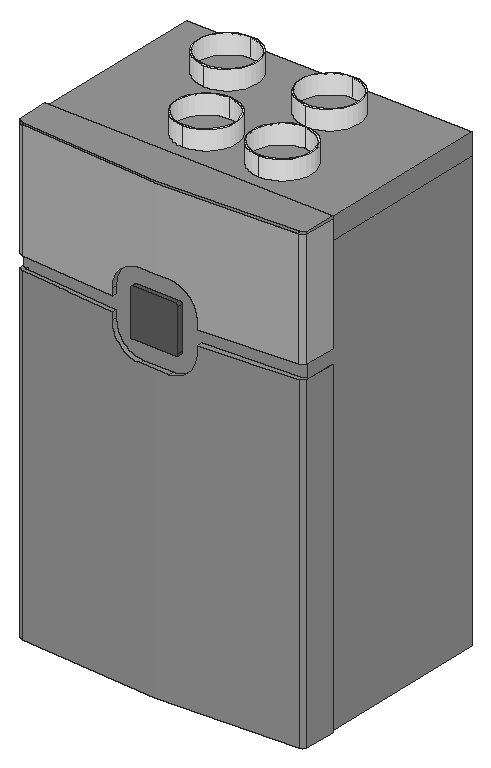
Revit family "result", category Mechanical Equipment, Revit 2022
Family settings
  Round Connector Dimension = Use Radius
  Part Type = Normal
  OmniClass Number = 23.75.10.00
  OmniClass Title = Transformation and Conversion of Energy
  Work Plane-Based = No
  Always vertical = No
  Cut with Voids When Loaded = No
  Maintain Annotation Orientation = No
  Shared = No
  Room Calculation Point = No
Parameters (values of type "2760-SABIK-210")
  spTamañoVentilador = 0 mm
  spRevision = ""
  spReferencia = ""
  spPresionSonoraRadiado = ""
  spPresionSonoraDescarga = ""
  spPresionSonoraAspiracion = ""
  spPotenciaUtil_Solucion = 0 W
  spPotenciaSonoraRadiado = ""
  spPotenciaSonoraDescarga = ""
  spPotenciaSonoraAspiracion = ""
  spPotenciaEspecifico_Solucion = ""
  spPotenciaElectrica_Solucion = 0 W
  spPosicion = ""
  spNombreProyecto = ""
  spLineaProyectoURL = ""
  spIntensidadMaximaAbsorbida = 0 A
  spIdProyecto = ""
  spDistanciaSonora = ""
  spDescripcionProductoEasyvent = ""
  spDescripcionComercialProducto = ""
  spConfiguracionProductoGenerico = ""
  spCodigoProductoEasyvent = ""
  spCodigoComercialProducto = ""
  spClaseMotor = ""
  spCantidadTotalProducto = ""
  spCantidadProducto = ""
  Total Flow [instance] = Flow 1 + Flow 2 + Flow 3 + Flow 4  # 0.0 L/s
  Radius Connector Drain = 10 mm  # constant formula
  Radius Connector 3 = (PD3) / 2  # 62.5 mm
  Radius Connector 1 = (PD1) / 2  # 62.5 mm
  Radius Connector  4 = (PD4) / 2  # 62.5 mm
  Radius Connector  2 = (PD2) / 2  # 62.5 mm
  PowerFactor = 0.00%
  VelocidadRotacionNominal = ""
  Uniclass2.0Titulo = "Heat recovery distribution equipment"  # constant formula
  Uniclass2.0Codigo = "Pr_60_60_36"  # constant formula
  URLProducto = "https://www.solerpalau.com/"
  UNSPSCTitulo = "HVAC ventilation and duct work construction service"  # constant formula
  UNSPSCCodigo = "72151204"  # constant formula
  TensionNominal = 0 V
  PresionTotalNominal = 0.0 Pa
  PresionEstaticaNominal = 0.0 Pa
  Flow 4 [instance] = 0.0 L/s
  Flow 3 [instance] = 0.0 L/s
  Flow 2 [instance] = 0.0 L/s
  Flow 1 [instance] = 0.0 L/s
  Default Elevation = 0 mm
  PresionDinamica = 0.0 Pa
  PesoBruto = 0.00 kg
  URL = "https://www.solerpalau.com/"
  PO = 19 mm
  PN = 21 mm
  PM = 267 mm
  PL = 392 mm
  PK = 313 mm
  PD4 = 125 mm
  PD3 = 125 mm
  PD2 = 125 mm
  PD1 = 125 mm
  PJ = 215 mm
  PII = 161 mm
  PH = 94 mm
  PG = 180 mm
  PF = 125 mm
  PE = 215 mm
  PC = 460 mm
  PB = 995 mm
  PA = 600 mm
  OmniclassTitulo = "Transformation and Conversion of Energy"  # constant formula
  OmniclassCodigo = "23.75.10.00"  # constant formula
  NumeroPolos = 1
  NumeroArticuloGlobalComercial = ""
  Model = ""
  Type Image = <None>
  Material Conector Bornes = SP_Plastic_Beige
  Material Carcasa = SP_Plastic_Beige
  MasterformatTitulo = "Air-to-Air Energy Recovery Equipment"  # constant formula
  MasterformatCodigo = "23 72 00"  # constant formula
  IndicePotenciaNominal = 0 W
  IndiceFlujoNominal = 0.0 L/s
  IfcExportType = "FIXEDPLATECROSSFLOWEXCHANGER"  # constant formula
  IfcExportAs = "IfcAirToAirHeatRecoveryType"  # constant formula
  Manufacturer = "S&P Sistemas de Ventilación S.L.U."  # constant formula
  DiametroImpulsor = 0 mm
  Description = ""
  Type Comments = ""
  CorrienteNominal = 0 A
  Codigo_IP = ""
  Autor = "BIM6D"  # constant formula
  AplicacionDeVentilador = ""
  AUX.A = PA / 2  # 300 mm
  AUX.4.1 = PD4 - 1 mm  # 124 mm
  AUX.4 = PD4 - 5 mm  # 120 mm
  AUX.3.1 = PD3 - 1 mm  # 124 mm
  AUX.3 = PD3 - 5 mm  # 120 mm
  AUX.2.1 = PD2 - 1 mm  # 124 mm
  AUX.2 = PD2 - 5 mm  # 120 mm
  AUX.1.1 = PD1 - 1 mm  # 124 mm
  AUX.1 = PD1 - 5 mm  # 120 mm
Reference planes
  plane 1 "Centro (Frontal/Posterior)": y = 0
  plane 2: z = 0
  plane 3 "Centro (Izquierda/Derecha)": x = 0
  plane 4: z = 995
  plane 5: x = -300
  plane 6: x = 300
  plane 7: y = 230
  plane 8: y = -230
  plane 9: y = 249
  plane 10: y = -160
  plane 11: z = 945
  plane 12: z = 20
  plane 13: y = -200
  plane 14: x = -200
  plane 15: x = 200
  plane 16: z = 745
  plane 17: z = 715
  plane 18: x = -90
  plane 19: x = 90
  plane 20: z = 820
  plane 21: z = 730
  plane 22: z = 640
  plane 23: z = 990.508
  plane 24: y = 136
  plane 25: y = -44
  plane 26: x = -139
  plane 27: x = 76
  plane 28: x = 175
  plane 29: x = -40
  plane 30: x = 76
  plane 31: x = 120
  plane 32: z = 1030.508
  plane 33: x = -133.5
  plane 34: x = 133.5
  plane 35: y = -70
  plane 36: z = 730
Forms (mm)
  Extrusion 1, solid, material "SP_Plastic_Beige" <- "Material Carcasa"
    sketch origin (0, 603.498, 20) x (0, 1, 0) y (-1, 0, 0)
      loop
        line (-373.498, 300) -> (-803.498, 300) -> (-803.498, -300) -> (-373.498, -300) -> (-373.498, 300)
    from 0 to 925
  Extrusion 2, solid, material "SP_Steel galvanized"
    sketch origin (-1134.713, -325, 1200) x (-1, 0, 0) y (0, 0, -1)
      loop
        line (-897.213, 1180) -> (-908.76, 1200) -> (-960.731, 1200) -> (-972.278, 1180) -> (-897.213, 1180)
      loop
        line (-1372.213, 1180) -> (-1297.148, 1180) -> (-1308.695, 1200) -> (-1360.666, 1200) -> (-1372.213, 1180)
    from -165 to -425
  Extrusion 3, solid, material "SP_Steel galvanized"
    sketch origin (-1134.713, -327.971, 1200) x (-1, 0, 0) y (0, 0, -1)
      loop
        line (-1097.181, 1180) -> (-1108.728, 1200) -> (-1160.699, 1200) -> (-1172.246, 1180) -> (-1097.181, 1180)
    from -167.971 to -542.971
  Extrusion 4, solid, material "SP_Plastic_Beige" <- "Material Carcasa"
    sketch origin (0, 603.498, 945) x (0, 1, 0) y (-1, 0, 0)
      loop
        line (-373.498, 300) -> (-763.498, 300) -> (-763.498, -300) -> (-373.498, -300) -> (-373.498, 300)
    from 0 to 45.508
  Extrusion 5, solid, material "SP_Plastic_Beige" <- "Material Carcasa"
    sketch origin (0, 603.498, 945) x (0, 1, 0) y (-1, 0, 0)
      loop
        line (-743.077, 303.834) -> (-810.364, 301.484)
        arc (-810.364, 301.484) -> (-815.137, 296.852) -> (-817.045, 290.481) r 13.199
        arc (-817.045, 290.481) -> (-833.498, 0) -> (-817.045, -290.481) r 2572.461
        arc (-817.045, -290.481) -> (-815.137, -296.852) -> (-810.364, -301.484) r 13.199
        line (-810.364, -301.484) -> (-743.077, -303.834) -> (-743.077, -291.696) -> (-808.077, -291.696)
        arc (-808.077, -291.696) -> (-824.035, 0) -> (-808.077, 291.696) r 2673.974
        line (-808.077, 291.696) -> (-743.077, 291.696) -> (-743.077, 303.834)
    from -200 to 45.508
  Extrusion 6, void
    sketch origin (-1134.713, -326.5, 1200) x (-1, 0, 0) y (0, 0, -1)
      loop
        line (-789.713, 455) -> (-789.713, 485) -> (-1044.713, 485) -> (-1044.713, 500)
        arc (-1044.713, 500) -> (-1062.287, 542.426) -> (-1104.713, 560) r 60
        line (-1104.713, 560) -> (-1164.713, 560)
        arc (-1164.713, 560) -> (-1207.139, 542.426) -> (-1224.713, 500) r 60
        line (-1224.713, 500) -> (-1224.713, 485) -> (-1479.713, 485) -> (-1479.713, 455) -> (-1224.713, 455) -> (-1224.713, 440)
        arc (-1224.713, 440) -> (-1207.139, 397.574) -> (-1164.713, 380) r 60
        line (-1164.713, 380) -> (-1104.713, 380)
        arc (-1104.713, 380) -> (-1062.287, 397.574) -> (-1044.713, 440) r 60
        line (-1044.713, 440) -> (-1044.713, 455) -> (-789.713, 455)
    from -76.5 to -326.5
  Extrusion 7, solid, material "SP_Plastic_Beige" <- "Material Carcasa"
    sketch origin (0, 603.498, 945) x (0, 1, 0) y (-1, 0, 0)
      loop
        line (-743.077, 303.834) -> (-810.364, 301.484)
        arc (-810.364, 301.484) -> (-815.137, 296.852) -> (-817.045, 290.481) r 13.199
        arc (-817.045, 290.481) -> (-833.498, 0) -> (-817.045, -290.481) r 2572.461
        arc (-817.045, -290.481) -> (-815.137, -296.852) -> (-810.364, -301.484) r 13.199
        line (-810.364, -301.484) -> (-743.077, -303.834) -> (-743.077, 303.834)
    from 50 to 45.508
  Extrusion 8, solid, material "SP_PVC_THERMOPLASTIC"
    sketch origin (0, 603.498, 945) x (0, 1, 0) y (-1, 0, 0)
      loop
        circle (-467.498, 139) r 60
      loop
        circle (-467.498, 139) r 62
      loop
        circle (-467.498, -76) r 60
      loop
        circle (-467.498, -76) r 62
      loop
        circle (-647.498, 40) r 60
      loop
        circle (-647.498, 40) r 62
      loop
        circle (-647.498, -120) r 60
      loop
        circle (-647.498, -120) r 62
    from 45.508 to 85.508
  Extrusion 9, solid
    sketch origin (0, 603.498, 945) x (0, 1, 0) y (-1, 0, 0)
      loop
        circle (-673.498, 133.5) r 10.5
      loop
        circle (-673.498, -133.5) r 10.5
    from -925 to -935
  Extrusion 10, solid, material "SP_Plastic_Black"
    sketch origin (-1134.713, -325, 1200) x (-1, 0, 0) y (0, 0, -1)
      loop
        arc (-1089.713, 420) -> (-1086.178, 421.464) -> (-1084.713, 425) r 5
        line (-1084.713, 425) -> (-1084.713, 515)
        arc (-1084.713, 515) -> (-1086.178, 518.536) -> (-1089.713, 520) r 5
        line (-1089.713, 520) -> (-1179.713, 520)
        arc (-1179.713, 520) -> (-1183.249, 518.536) -> (-1184.713, 515) r 5
        line (-1184.713, 515) -> (-1184.713, 425)
        arc (-1184.713, 425) -> (-1183.249, 421.464) -> (-1179.713, 420) r 5
        line (-1179.713, 420) -> (-1089.713, 420)
    from -104.472 to -95
  Extrusion 11, solid, material "SP_Plastic_Beige"
    sketch origin (0, 603.498, 945) x (0, 1, 0) y (-1, 0, 0)
      loop
        line (-743.077, 303.834) -> (-810.364, 301.484)
        arc (-810.364, 301.484) -> (-815.137, 296.852) -> (-817.045, 290.481) r 13.199
        arc (-817.045, 290.481) -> (-833.498, 0) -> (-817.045, -290.481) r 2572.461
        arc (-817.045, -290.481) -> (-815.137, -296.852) -> (-810.364, -301.484) r 13.199
        line (-810.364, -301.484) -> (-743.077, -303.834) -> (-743.077, -291.696) -> (-808.077, -291.696)
        arc (-808.077, -291.696) -> (-824.035, 0) -> (-808.077, 291.696) r 2673.974
        line (-808.077, 291.696) -> (-743.077, 291.696) -> (-743.077, 303.834)
    from -925 to -230
  Extrusion 12, solid, material "SP_Steel galvanized"
    sketch origin (-310, -1524, 48.098) x (0, 0, 1) y (0, -1, 0)
      loop
        line (886.902, -1754) -> (855.661, -1754) -> (838.782, -1770.879) -> (840.903, -1773) -> (856.902, -1757.001) -> (886.902, -1757.001) -> (886.902, -1754)
    from 110 to 510
Cuts and joins
  Extrusion 6 cuts Extrusion 5
  joined: Extrusion 4, Extrusion 5
  Extrusion 6 cuts Extrusion 11
Dimensions and locks
  "PB": plane 4 to level
  equal spacing: plane 5, plane 3 "Centro (Izquierda/Derecha)", plane 6
  "PA": plane 5 to plane 6
  equal spacing: plane 8, plane 1 "Centro (Frontal/Posterior)", plane 7
  "PC": plane 8 to plane 7
  "PO": plane 9 to plane 7
  locked: plane 10 to plane 8 at 70
  locked: plane 4 to plane 11 at 50
  locked: plane 12 to level at 20
  locked: plane 10 to plane 13 at 40
  Extrusion 2 sketch curve to plane 14 to Extrusion 2 sketch curve = 37.565 mm locked, 37.5 mm locked
  Extrusion 2 sketch curve to plane 15 to Extrusion 2 sketch curve = 37.565 mm locked, 37.5 mm locked
  locked: plane 1 "Centro (Frontal/Posterior)" to Extrusion 2 at 100
  Extrusion 3 sketch curve to plane 3 "Centro (Izquierda/Derecha)" to Extrusion 3 sketch curve = 37.532 mm locked, 37.532 mm locked
  locked: plane 7 to Extrusion 3 at 15
  locked: plane 4 to plane 16 at 250
  Extrusion 5 sketch curve to plane 5 to Extrusion 5 sketch curve = 3.834 mm locked, 8.304 mm locked
  Extrusion 5 sketch curve to plane 6 to Extrusion 5 sketch curve = 8.304 mm locked, 3.834 mm locked
  locked: plane 16 to plane 17 at 30
  equal spacing: plane 16, plane 21, plane 17
  locked: plane 20 to plane 21 at 90
  plane 19 to plane 3 "Centro (Izquierda/Derecha)" to plane 18 = 90 mm locked, 90 mm locked
  locked: plane 22 to plane 21 at 90
  locked: Extrusion 6 sketch curve to plane 5 at 45
  locked: plane 6 to Extrusion 6 sketch curve at 45
  Extrusion 5 sketch curve to plane 10 to Extrusion 5 sketch curve = 70 mm locked, 20.421 mm locked
  locked: Extrusion 6 to plane 8 at 20
  locked: plane 4 to cut or joined group of Extrusion 4, Extrusion 5, Extrusion 6 at 4.492
  locked: plane 23 to plane 4 at 4.492
  "PH": plane 7 to plane 24
  "PG": plane 24 to plane 25
  "PF": plane 28 to plane 6
  "PE": plane 29 to plane 28
  "PII": plane 5 to plane 26
  "PJ": plane 26 to plane 27
  locked: plane 32 to plane 23 at 40
  equal spacing: plane 34, plane 3 "Centro (Izquierda/Derecha)", plane 33
  "PM": plane 34 to plane 33
  equal spacing: plane 15, plane 3 "Centro (Izquierda/Derecha)", plane 14
  locked: plane 14 to plane 5 at 100
  locked: plane 35 to plane 10 at 90
  locked: plane 12 to Extrusion 9 at 10
  Extrusion 10 sketch curve to plane 3 "Centro (Izquierda/Derecha)" to Extrusion 10 sketch curve = 50 mm locked, 50 mm locked
  equal spacing: plane 16, plane 36, plane 17, locked at 15 each
  Extrusion 10 sketch curve to plane 36 to Extrusion 10 sketch curve = 50 mm locked, 50 mm locked
  locked: plane 8 to Extrusion 10 at 9.472
  Extrusion 11 sketch curve to plane 5 to Extrusion 11 sketch curve = 3.834 mm locked, 8.304 mm locked
  Extrusion 11 sketch curve to plane 6 to Extrusion 11 sketch curve = 8.304 mm locked, 3.834 mm locked
  Extrusion 11 sketch curve to plane 10 to Extrusion 11 sketch curve = 70 mm locked, 20.421 mm locked
  locked: Extrusion 12 sketch curve to plane 7 at 3.001
  plane 11 to Extrusion 12 sketch curve to Extrusion 12 sketch curve to Extrusion 12 sketch curve = 10 mm locked, 30 mm locked, 15.999 mm locked
  "AUX.1": diameter of Extrusion 8 sketch curve
  "AUX.1.1": diameter of Extrusion 8 sketch curve
  "AUX.2": diameter of Extrusion 8 sketch curve
  "AUX.2.1": diameter of Extrusion 8 sketch curve
  "AUX.3": diameter of Extrusion 8 sketch curve
  "AUX.3.1": diameter of Extrusion 8 sketch curve
  "AUX.4": diameter of Extrusion 8 sketch curve
  "AUX.4.1": diameter of Extrusion 8 sketch curve
  "PN": diameter of Extrusion 9 sketch curve  (x2)
  aligned and locked: level to plane 2
  aligned and locked: Extrusion 1 sketch curve to plane 7
  aligned and locked: plane 5 to Extrusion 1 sketch curve
  aligned and locked: Extrusion 1 sketch curve to plane 13
  aligned and locked: plane 6 to Extrusion 1 sketch curve
  aligned and locked: plane 11 to Extrusion 1
  aligned and locked: Extrusion 1 to plane 12
  aligned and locked: Extrusion 2 sketch curve to plane 12
  aligned and locked: level to Extrusion 2 sketch curve
  aligned and locked: plane 12 to Extrusion 2 sketch curve
  aligned and locked: Extrusion 2 sketch curve to level
  aligned and locked: plane 10 to Extrusion 2
  aligned and locked: Extrusion 3 to plane 10
  aligned and locked: plane 5 to Extrusion 4 sketch curve
  aligned and locked: plane 6 to Extrusion 4 sketch curve
  aligned and locked: Extrusion 4 sketch curve to plane 7
  aligned and locked: Extrusion 6 sketch curve to plane 20
  aligned and locked: plane 18 to Extrusion 6 sketch curve
  aligned and locked: plane 16 to Extrusion 6 sketch curve
  aligned and locked: Extrusion 6 sketch curve to plane 17
  aligned and locked: Extrusion 6 sketch curve to plane 16
  aligned and locked: plane 17 to Extrusion 6 sketch curve
  aligned and locked: Extrusion 6 to plane 1 "Centro (Frontal/Posterior)"
  aligned and locked: Extrusion 7 to cut or joined group of Extrusion 4, Extrusion 5, Extrusion 6
  aligned and locked: plane 10 to Extrusion 4
  aligned and locked: cut or joined group of Extrusion 4, Extrusion 5, Extrusion 6 to plane 23
  aligned and locked: plane 30 to Extrusion 8 sketch curve  (x2)
  aligned and locked: plane 29 to Extrusion 8 sketch curve  (x2)
  aligned and locked: plane 31 to Extrusion 8 sketch curve  (x2)
  aligned and locked: plane 25 to Extrusion 8 sketch curve  (x4)
  aligned and locked: Extrusion 9 to plane 12
  aligned and locked: plane 8 to Extrusion 10
  aligned and locked: plane 16 to Extrusion 5
  aligned and locked: Extrusion 11 to plane 12
  aligned and locked: plane 17 to Extrusion 11
  aligned and locked: plane 9 to Extrusion 12 sketch curve
  aligned and locked: plane 7 to Extrusion 12 sketch curve
  aligned and locked: Extrusion 12 to plane 15
  aligned and locked: Extrusion 12 to plane 14
Automatic sketch dimensions
  Extrusion 2 sketch curve to Extrusion 2 sketch curve = 11.547 mm  (x4)
  Extrusion 3 sketch curve to level = 0 mm
  Extrusion 3 sketch curve to plane 12 = 0 mm
  Extrusion 3 sketch curve to Extrusion 3 sketch curve = 11.547 mm  (x2)
  Extrusion 5 sketch curve to plane 3 "Centro (Izquierda/Derecha)" = 0 mm  (x2)
  Extrusion 5 sketch curve to plane 6 = 1.484 mm
  Extrusion 5 sketch curve to plane 8 = 23.133 mm
  Extrusion 5 sketch curve to plane 5 = 1.484 mm
  Extrusion 5 sketch curve to Extrusion 5 sketch curve = 6.51 mm  (x2)
  Extrusion 5 sketch curve to Extrusion 5 sketch curve = 110.975 mm
  Extrusion 5 sketch curve to Extrusion 5 sketch curve = 1.693 mm  (x2)
  plane 5 to Extrusion 5 sketch curve = 9.519 mm
  Extrusion 5 sketch curve to Extrusion 5 sketch curve = 4.222 mm  (x2)
  Extrusion 5 sketch curve to plane 10 = 20.421 mm
  plane 19 to Extrusion 6 sketch curve = 0 mm  (x2)
  Extrusion 6 sketch curve to plane 22 = 0 mm
  Extrusion 6 sketch curve to plane 18 = 0 mm
  plane 17 to Extrusion 6 sketch curve = 15 mm
  Extrusion 6 sketch curve to plane 3 "Centro (Izquierda/Derecha)" = 30 mm
  plane 3 "Centro (Izquierda/Derecha)" to Extrusion 6 sketch curve = 30 mm  (x2)
  Extrusion 7 sketch curve to plane 3 "Centro (Izquierda/Derecha)" = 0 mm
  Extrusion 7 sketch curve to plane 6 = 1.484 mm
  plane 13 to Extrusion 7 sketch curve = 6.867 mm  (x2)
  Extrusion 7 sketch curve to plane 5 = 1.484 mm
  plane 13 to Extrusion 7 sketch curve = 0.357 mm  (x2)
  Extrusion 7 sketch curve to plane 6 = 3.834 mm
  Extrusion 7 sketch curve to plane 10 = 20.421 mm
  plane 9 to Extrusion 7 sketch curve = 2093.461 mm
  plane 6 to Extrusion 7 sketch curve = 9.998 mm
  Extrusion 7 sketch curve to Extrusion 7 sketch curve = 11.482 mm
  plane 6 to Extrusion 7 sketch curve = 9.519 mm
  Extrusion 7 sketch curve to plane 5 = 3.834 mm
  Extrusion 4 sketch curve to plane 13 = 40 mm
  Extrusion 10 sketch curve to Extrusion 10 sketch curve = 5 mm  (x4)
  Extrusion 11 sketch curve to plane 3 "Centro (Izquierda/Derecha)" = 0 mm  (x2)
  Extrusion 11 sketch curve to plane 6 = 1.484 mm
  plane 13 to Extrusion 11 sketch curve = 6.867 mm  (x2)
  Extrusion 11 sketch curve to plane 5 = 1.484 mm
  plane 13 to Extrusion 11 sketch curve = 4.579 mm
  plane 13 to Extrusion 11 sketch curve = 0.357 mm  (x2)
  Extrusion 11 sketch curve to plane 10 = 20.421 mm
  Extrusion 11 sketch curve to Extrusion 11 sketch curve = 110.975 mm
  Extrusion 11 sketch curve to Extrusion 11 sketch curve = 1.693 mm  (x2)
  Extrusion 11 sketch curve to Extrusion 11 sketch curve = 8.968 mm
  Extrusion 12 sketch curve to Extrusion 12 sketch curve = 1.241 mm
  Extrusion 8 sketch curve to Extrusion 8 sketch curve = 0 mm  (x3)
  Extrusion 8 sketch curve to plane 24 = 0 mm  (x2)
  Extrusion 8 sketch curve to plane 26 = 0 mm
  Extrusion 9 sketch curve to plane 34 = 0 mm
  Extrusion 9 sketch curve to plane 35 = 0 mm  (x2)
  Extrusion 9 sketch curve to plane 33 = 0 mm
Connectors
  piping at (-133.5, -70, 20), diameter 20, driven by "Radius Connector Drain"
    settings: on Extrusion 9, index 1, connector inside diameter 609.6 mm, connector length 0 mm, flow factor 0, pipe flow 0.0 L/s, pressure drop 0.0 Pa, fitting loss kfactor 0, connector angle 0.00°, fixture units 0, engagement length 0 mm, angle of deflection 0.00°, flow configuration 1, flow direction 2, fitting loss method 0, system type 16, joint type 0, gender type 0, connector reference index -1, connector utility 0, adjustable connector no, is connector primary yes, connector description "Desagüe"
  piping at (133.5, -70, 20), diameter 20, driven by "Radius Connector Drain"
    settings: on Extrusion 9, index 2, connector inside diameter 609.6 mm, connector length 0 mm, flow factor 0, pipe flow 0.0 L/s, pressure drop 0.0 Pa, fitting loss kfactor 0, connector angle 0.00°, fixture units 0, engagement length 0 mm, angle of deflection 0.00°, flow configuration 1, flow direction 2, fitting loss method 0, system type 16, joint type 0, gender type 0, connector reference index -1, connector utility 0, adjustable connector no, is connector primary no, connector description "Desagüe"
  hvac at (76, 136, 990.508), driven by "Radius Connector  2", driven by "Flow 2"
    settings: on Extrusion 8, index 3, duct flow 0.0 L/s, flow factor 0, pres drop 0.0 Pa, loss coef 0, conn angle 0.00°, conn width 304.8 mm, conn height 304.8 mm, conn diameter 125 mm, duct sys type 29, conn prof type 0, flow config 0, flow direction 0, loss method 0, conn ref index -1, conn util no, is conn primary yes, conn desc ""
  hvac at (-40, -44, 990.508), driven by "Radius Connector 3", driven by "Flow 3"
    settings: on Extrusion 8, index 4, duct flow 0.0 L/s, flow factor 0, pres drop 0.0 Pa, loss coef 0, conn angle 0.00°, conn width 304.8 mm, conn height 304.8 mm, conn diameter 125 mm, duct sys type 29, conn prof type 0, flow config 0, flow direction 0, loss method 0, conn ref index -1, conn util no, is conn primary no, conn desc ""
  hvac at (-139, 136, 990.508), driven by "Radius Connector 1", driven by "Flow 1"
    settings: on Extrusion 8, index 5, duct flow 0.0 L/s, flow factor 0, pres drop 0.0 Pa, loss coef 0, conn angle 0.00°, conn width 304.8 mm, conn height 304.8 mm, conn diameter 125 mm, duct sys type 29, conn prof type 0, flow config 0, flow direction 0, loss method 0, conn ref index -1, conn util no, is conn primary no, conn desc ""
  hvac at (120, -44, 990.508), driven by "Radius Connector  4", driven by "Flow 4"
    settings: on Extrusion 8, index 6, duct flow 0.0 L/s, flow factor 0, pres drop 0.0 Pa, loss coef 0, conn angle 0.00°, conn width 304.8 mm, conn height 304.8 mm, conn diameter 125 mm, duct sys type 29, conn prof type 0, flow config 0, flow direction 0, loss method 0, conn ref index -1, conn util no, is conn primary no, conn desc ""
  electrical at (0, 15, 20), driven by "NumeroPolos", driven by "TensionNominal", driven by "PowerFactor"
    settings: on Extrusion 1, index 7, voltage 0 V, apparent load 0 VA, apparent load phase1 0 VA, apparent load phase2 0 VA, apparent load phase3 0 VA, power factor 0, load classification "Other", number of poles 1, system type 31, power factor state 1, is connector primary yes, connector utility no, sub classification motor no, connector description ""
